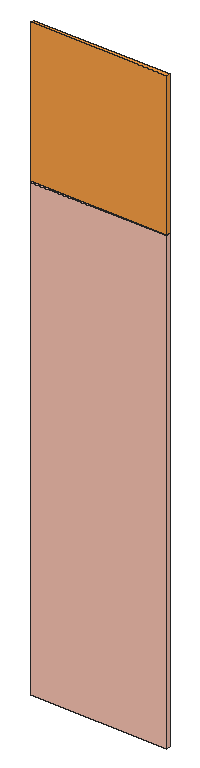
Revit family "EXP_WT-1B_CPan-006", category Curtain Panels, Revit 2021
Family settings
  OmniClass Number = 23.25.20.14.11.11.17
  OmniClass Title = Infill Panels
  Always vertical = Yes
  Cut with Voids When Loaded = No
  Shared = No
Parameters (values of type "H1 = 7' 3 1/2"")
  UI-UnitNumber [instance] = "001"
  UI-Quadrant [instance] = "SE"
  UI-ProjectAbbreviation = "NEU"
  UI-ItemCategory = "PID"
  UI-FloorNumber [instance] = "03"
  PNT-WallType = "WT1B"
  PNT-ProjectAbbreviation = "NEU"
  PNT-PanelType [instance] = "01"
  PNT-ItemCategory = "PNL"
  GlassSPH2(x2) [instance] = 0' - 2 3/16"
  GlassSPH1 [instance] = 0' - 2 3/16"
  GlassH2 [instance] = IG-2F(Glass)
  GlassH1 [instance] = IG-4F(Glass)
  Define Thermal Properties by = Schematic Type
  CellSp = 0' - 10 3/16"
  CellL [instance] = 7' - 0"
  CellH2 [instance] = CellH - CellH1  # 23' - 2 1/2"
  CellH1 = 7' - 3 1/2"
  CellH [instance] = 30' - 6"
  Analytic Construction = "<None>"
Types (2): name | CellH2 | CellH1
  H1 = 7' 3 1/2" | 23' - 2 1/2" | 7' - 3 1/2"
  H1 = 11' 1" | 28' - 7" | 1' - 11"
Reference planes (in)
  plane 1 "Center (Front/Back)": y = 0
  plane 2: z = 0
  plane 3 "Center (Left/Right)": x = 0
  plane 4 "Left": x = -42
  plane 5 "Right": x = 42
  plane 6 "Top": z = 366
  plane 7: z = 278.5
  plane 8: y = -10.1875
Forms (in)
  Extrusion 1, solid, material "IG-2F(Glass)" <- "GlassH2", detail levels coarse+medium
    sketch origin (0, 0, 0) x (0, 1, 0) y (0, 0, 1)
      loop
        line (-10.1875, 278.5) -> (-10.1875, 0) -> (0, 0) -> (0, 278.5) -> (-10.1875, 278.5)
    from -42 to 42
  Extrusion 2, solid, material "IG-4F(Glass)" <- "GlassH1", detail levels coarse+medium
    sketch origin (0, 0, 0) x (0, 1, 0) y (0, 0, 1)
      loop
        line (-10.1875, 366) -> (-10.1875, 278.5) -> (0, 278.5) -> (0, 366) -> (-10.1875, 366)
    from -42 to 42
Text (in)
  text "Exterior" at (-92.59733, 55.75508, 0), in view "Ref. Level"
  text "Exterior" at (0, 90.18664, 173.49264), in view "Left"
  text "Exterior" at (0, 52.29083, 162.21847), in view "Right"
Dimensions and locks (in)
  Extrusion 2 sketch curve to Extrusion 2 sketch curve = 0' - 10 3/16"
  "CellL": plane 4 "Left" to plane 5 "Right"
  equal spacing: plane 4 "Left", plane 3 "Center (Left/Right)", plane 5 "Right"
  "CellSp": plane 8 to plane 1 "Center (Front/Back)"
  "CellH": plane 2 to plane 6 "Top"
  "CellH1": plane 7 to plane 6 "Top"
  "CellH2": plane 2 to plane 7
  aligned and locked: Extrusion 1 sketch curve to plane 7
  aligned and locked: plane 8 to Extrusion 1 sketch curve
  aligned and locked: Extrusion 1 sketch curve to plane 1 "Center (Front/Back)"
  aligned and locked: plane 4 "Left" to Extrusion 1
  aligned and locked: Extrusion 1 to plane 5 "Right"
  aligned and locked: plane 6 "Top" to Extrusion 2 sketch curve
  aligned and locked: plane 8 to Extrusion 2 sketch curve
  aligned and locked: Extrusion 2 sketch curve to Extrusion 1
  aligned and locked: Extrusion 2 to plane 5 "Right"
  aligned and locked: plane 4 "Left" to Extrusion 2
  aligned and locked: plane 1 "Center (Front/Back)" to Extrusion 2
  aligned and locked: level to plane 2
  aligned and locked: Extrusion 1 to plane 2
  aligned and locked: plane 1 "Center (Front/Back)" to nested 1
  aligned and locked: plane 5 "Right" to nested 1
  aligned and locked: plane 2 to Extrusion 1
  aligned and locked: Extrusion 2 to plane 6 "Top"
  aligned and locked: plane 4 "Left" to nested 1
  aligned and locked: plane 4 "Left" to nested 2
  aligned and locked: plane 5 "Right" to nested 2
  aligned and locked: plane 1 "Center (Front/Back)" to nested 2
  aligned and locked: nested 2 to plane 6 "Top"
  aligned and locked: plane 7 to nested 2
  aligned and locked: plane 4 "Left" to nested 3
  aligned and locked: plane 5 "Right" to nested 3
  aligned and locked: plane 1 "Center (Front/Back)" to nested 3
  aligned and locked: plane 7 to nested 3
  aligned and locked: plane 2 to nested 3
Automatic sketch dimensions
  Extrusion 1 sketch curve to plane 7 = 23' - 2 1/2"
Nested families (in)
  nested 1: "EXP_xx_DetO-002" at (0, 0, 0), CellH <- "CellH", CellL <- "CellL", type "EXP_xx_DetO-002", detail levels coarse
    with CellL 7' - 0", CellH 30' - 6"
  nested 2: "EXP_WT-1x_IG-001" at (0, 0, 322.25), GlassSP <- "GlassSPH1", MaterialGlass <- "GlassH1", type "GlassSP = H1"
    with MaterialGlass IG-4F(Glass), GlassSP 0' - 2 3/16", GlassL 6' - 10.12549", GlassH 7' - 1 13/16", CellL 7' - 0", CellH 7' - 3 1/2"
  nested 3: "EXP_WT-1x_IG-001" at (0, 0, 139.25), GlassSP <- "GlassSPH2(x2)", MaterialGlass <- "GlassH2", type "GlassSP = H2(x2)"
    with MaterialGlass IG-2F(Glass), GlassSP 0' - 2 3/16", GlassL 6' - 10.12598", GlassH 23' - 0.56299", CellL 7' - 0", CellH 23' - 2 1/2"
Definition of nested family "EXP_WT-1x_IG-001"
  Parameters (values of type "H2 _ GlassSP = 1 1/4"")
    MaterialGlass [instance] = none
    GlassSP [instance] = 0' - 1 1/4"
    GlassL [instance] = CellL - (GlassD1 + GlassD3)  # 3' - 10.94439"
    GlassH [instance] = CellH - (GlassD2 + GlassD4)  # 6' - 6.64788"
    GlassD4 = 0' - 1.43701"
    GlassD3 = 0' - 0.93701"
    GlassD2 = 0' - 0 1/2"
    GlassD1 = 0' - 0 15/16"
    GMPI-ProjectAbbreviation = "NEU"
    GMPI-IteamCategory = "GLS"
    Default Elevation = 0' - 0"
    CellL [instance] = 4' - 0.8189"
    CellH [instance] = 6' - 8.58489"
  Types (12): name | GlassSP | GlassL | GlassH | GlassD4 | GlassD2 | GlassD1
    H2(x2) _ GlassSP = 2 1/8" | 0' - 2.12598" | 3' - 10.94488" | 6' - 6.64788" | 0' - 1.43701" | 0' - 0 1/2" | 0' - 0.93701"
    H1 _ GlassSP = 1 1/4" | 0' - 1 1/4" | 3' - 10.94439" | 6' - 6.89739" | 0' - 0 1/4" | 0' - 1 7/16" | 0' - 0 15/16"
    H2(x3) _ GlassSP = 2 1/8" | 0' - 2.12598" | 3' - 10.94488" | 6' - 7.83489" | 0' - 0 1/4" | 0' - 0 1/2" | 0' - 0.93701"
    H3 _ GlassSP = 1 1/4" | 0' - 1 1/4" | 3' - 10.94439" | 6' - 6.64788" | 0' - 1.43701" | 0' - 0 1/2" | 0' - 0 15/16"
    H _ GlassSP = 2 1/8" | 0' - 2.12598" | 3' - 10.94488" | 6' - 5.71088" | 0' - 1.43701" | 0' - 1.43701" | 0' - 0.93701"
    H _ GlassSP = 1 1/4" | 0' - 1 1/4" | 3' - 10.94439" | 6' - 5.71088" | 0' - 1.43701" | 0' - 1.43701" | 0' - 0 15/16"
    H2 _ GlassSP = 1 1/4" | 0' - 1 1/4" | 3' - 10.94439" | 6' - 6.64788" | 0' - 1.43701" | 0' - 0 1/2" | 0' - 0 15/16"
    GlassSP = H | 0' - 1 1/4" | 3' - 10.94439" | 6' - 5.71088" | 0' - 1.43701" | 0' - 1.43701" | 0' - 0 15/16"
    GlassSP = H3 | 0' - 1 1/4" | 3' - 10.94439" | 6' - 6.64788" | 0' - 1.43701" | 0' - 0 1/2" | 0' - 0 15/16"
    GlassSP = H2(x3) | 0' - 2.12598" | 3' - 10.94488" | 6' - 7.83489" | 0' - 0 1/4" | 0' - 0 1/2" | 0' - 0.93701"
    GlassSP = H2(x2) | 0' - 2.12598" | 3' - 10.94488" | 6' - 6.64788" | 0' - 1.43701" | 0' - 0 1/2" | 0' - 0.93701"
    GlassSP = H1 | 0' - 1 1/4" | 3' - 10.94439" | 6' - 6.89739" | 0' - 0 1/4" | 0' - 1 7/16" | 0' - 0 15/16"
  Reference planes (in)
    plane 1 "Center (Front/Back)": y = 0
    plane 2: z = 0
    plane 3 "Center (Left/Right)": x = 0
    plane 4: x = -24.40945
    plane 5: x = 24.40945
    plane 6: z = 40.29245
    plane 7: x = -23.47195
    plane 8: x = 23.47244
    plane 9: z = -40.29245
    plane 10: z = 39.79245
    plane 11: z = -38.85544
  Forms (in)
    Extrusion 1, solid, material <- "MaterialGlass"
      sketch origin (0, 0, 0) x (1, 0, 0) y (0, 0, 1)
        loop
          line (-23.47195, -38.85544) -> (23.47244, -38.85544) -> (23.47244, 39.79245) -> (-23.47195, 39.79245) -> (-23.47195, -38.85544)
      from 0 to 1.25 <- "GlassSP"
  Dimensions and locks (in)
    equal spacing: plane 6, level, plane 9
    "CellH": plane 6 to plane 9
    "GlassD2": plane 6 to plane 10
    "GlassD4": plane 11 to plane 9
    equal spacing: plane 4, plane 3 "Center (Left/Right)", plane 5
    "CellL": plane 4 to plane 5
    "GlassD1": plane 4 to plane 7
    "GlassD3": plane 5 to plane 8
    aligned and locked: level to plane 2
    aligned and locked: Extrusion 1 sketch curve to plane 11
    aligned and locked: Extrusion 1 sketch curve to plane 7
    aligned and locked: plane 10 to Extrusion 1 sketch curve
    aligned and locked: plane 8 to Extrusion 1 sketch curve
Definition of nested family "EXP_xx_DetO-002"
  Parameters (values of type "EXP_xx_DetO-002")
    Default Elevation = 0' - 0"
    CellL [instance] = 5' - 4.56693"
    CellH [instance] = 5' - 2.99213"
  Reference planes (in)
    plane 1 "Center (Front/Back)": y = 0
    plane 2: z = 0
    plane 3 "Center (Left/Right)": x = 0
    plane 4: x = -32.28346
    plane 5: x = 32.28346
    plane 6: z = 62.99213
  Lines and regions (in)
    model lines
      curve 1: line (-32.28346, 0, 62.99213) -> (32.28346, 0, 0)
      curve 2: line (32.28346, 0, 62.99213) -> (-32.28346, 0, 0)
  Dimensions and locks (in)
    "CellH": plane 6 to level
    equal spacing: plane 4, plane 3 "Center (Left/Right)", plane 5
    "CellL": plane 4 to plane 5
    aligned and locked: level to plane 2
  Automatic sketch dimensions
    curve 2 to level = 0' - 0"
    plane 4 to curve 2 = 0' - 0"
    plane 4 to curve 1 = 0' - 0"
    plane 5 to curve 2 = 0' - 0"
    curve 1 to level = 0' - 0"
    plane 5 to curve 1 = 0' - 0"
    curve 2 to plane 6 = 0' - 0"
    curve 1 to plane 6 = 0' - 0"
